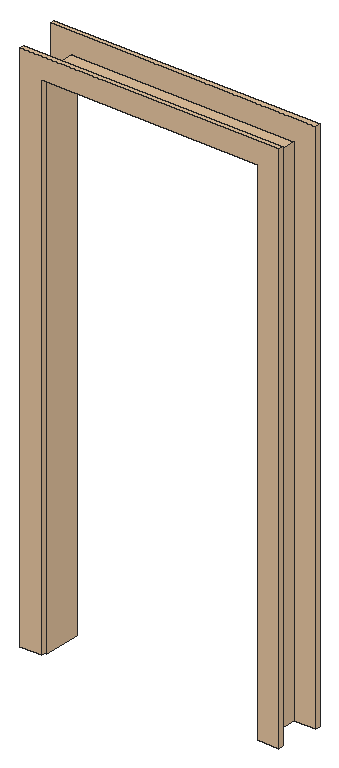
Revit family "0033_M_DR_W_opening - square-cased", category 일반 모델, Revit 2026
Family settings
  호스트 = 벽
  보강 철근 호스트 가능 = 아니오
  원형 커넥터 치수 = 지름 사용
  부품 유형 = 정의되지 않음
  항상 수직 = 예
  로드될 때 보이드를 사용하여 절단 = 아니오
  주석 방향 유지 = 아니오
  공유 = 아니오
  룸 계산 점 = 아니오
Parameters (values of type "36" x 84"")
  기본 높이 = 0' - 0"
  Width = 3' - 0"
  Height = 7' - 0"
  Frame Material = Opening - Frame
  Trim Projection = 0' - 0 3/4"
  Trim Width = 0' - 3 1/2"
Types (8): name | Width | Height | Trim Projection | Trim Width
  36" x 84" | 3' - 0" | 7' - 0" | 0' - 0 3/4" | 0' - 3 1/2"
  30" x 80" | 2' - 6" | 6' - 8" | 0' - 0 3/4" | 0' - 3 1/2"
  30" x 84" | 2' - 6" | 7' - 0" | 0' - 0 3/4" | 0' - 3 1/2"
  32" x 84" | 2' - 8" | 7' - 0" | 0' - 0 3/4" | 0' - 3 1/2"
  34" x 80" | 2' - 10" | 6' - 8" | 0' - 0 3/4" | 0' - 3 1/2"
  34" x 84" | 2' - 10" | 7' - 0" | 0' - 0 3/4" | 0' - 3 1/2"
  36" x 80" | 3' - 0" | 6' - 8" | 0' - 0 3/4" | 0' - 3 1/2"
  915 x 2134mm | 3' - 0.02362" | 7' - 0.01575" | 0' - 0.7874" | 0' - 3.54331"
Reference planes (in)
  plane 1: y = 0
  plane 2: z = 0
  plane 3: x = 0
  plane 4: x = -18
  plane 5: x = 18
  plane 6: z = 84
  plane 7: x = -17.5
  plane 8: x = 17.5
  plane 9: z = 83.5
Forms (in)
  Extrusion 1, solid, material "Opening - Frame" <- "Frame Material"
    sketch origin (-152, -3, 0) x (1, 0, 0) y (0, 0, 1)
      loop
        line (134.5, 0) -> (134.5, 83.5) -> (169.5, 83.5) -> (169.5, 0) -> (173, 0) -> (173, 87) -> (131, 87) -> (131, 0) -> (134.5, 0)
    from 0 to 0.75
  Extrusion 2, solid, material "Opening - Frame" <- "Frame Material"
    sketch origin (-60, 3, 0) x (-1, 0, 0) y (0, 0, 1)
      loop
        line (-81.5, 87.5) -> (-81.5, 0) -> (-78, 0) -> (-78, 84) -> (-42, 84) -> (-42, 0) -> (-38.5, 0) -> (-38.5, 87.5) -> (-81.5, 87.5)
    from 0 to 0.75
  Sweep 3, solid, material "Opening - Frame" <- "Frame Material"
    path origin (0, 0, 0) x (0, 0, -1) y (1, 0, 0)
      loop
        line (0, 18) -> (-84, 18) -> (-84, -18) -> (0, -18)
    profile origin (0, 0, 42) x (-1, 0, 0) y (0, -1, 0)
      loop
        line (-18, -3) -> (-17.25, -3) -> (-17.25, 3) -> (-18, 3) -> (-18, -3)
Lines and regions (in)
  Opening 1
    outline origin (-152, -3, 0) x (1, 0, 0) y (0, 0, 1)
      loop
        line (134, 0) -> (170, 0) -> (170, 84) -> (134, 84) -> (134, 0)
Text (in)
  text "Exterior" at (-55.23831, 34.29084, 0), in view "Floor Line"
  text "Exterior" at (0, 37.8536, 131.06609), in view "Right"
Dimensions and locks (in)
  equal spacing: plane 4, plane 3, plane 5
  "Width": plane 4 to plane 5
  "Height": plane 2 to plane 6
  "Trim Projection": Extrusion 1 to host wall
  "Trim Projection": host wall to Extrusion 2
  locked: plane 7 to plane 4 at 0.5
  locked: plane 5 to plane 8 at 0.5
  locked: plane 6 to plane 9 at 0.5
  "Trim Width": plane 7 to Extrusion 1 sketch curve
  "Trim Width": Extrusion 1 sketch curve to plane 9
  "Trim Width": Extrusion 1 sketch curve to plane 8
  "Trim Width": Extrusion 2 sketch curve to Sweep 3
  "Trim Width": Sweep 3 to Extrusion 2 sketch curve
  "Trim Width": plane 6 to Extrusion 2 sketch curve
  aligned and locked: plane 4 to Opening 1 sketch curve
  aligned and locked: plane 6 to Opening 1 sketch curve  (x2)
  aligned and locked: Opening 1 sketch curve to plane 5
  aligned and locked: Opening 1 sketch curve to level
  aligned and locked: host wall to plane 1
  aligned and locked: plane 2 to Extrusion 1 sketch curve  (x2)
  aligned and locked: Extrusion 1 to host wall
  aligned and locked: Sweep 3 sketch curve to plane 6
  aligned and locked: Sweep 3 sketch curve to plane 5
  aligned and locked: plane 4 to Sweep 3 sketch curve
  aligned and locked: plane 8 to Extrusion 1 sketch curve
  aligned and locked: Extrusion 1 sketch curve to plane 9
  aligned and locked: Extrusion 2 sketch curve to plane 5
  aligned and locked: plane 4 to Extrusion 2 sketch curve
  aligned and locked: Extrusion 2 sketch curve to plane 6
Automatic sketch dimensions
  Sweep 3 sketch curve to level = 0' - 0"  (x2)
  Sweep 3 sketch curve to profile plane = 0' - 0"
  Sweep 3 sketch curve to profile plane = 0' - 0 3/4"
  Sweep 3 sketch curve to Sweep 3 sketch curve = 0' - 6"
  Extrusion 1 sketch curve to plane 7 = 0' - 0"
  Extrusion 1 sketch curve to level = 0' - 0"
  Extrusion 2 sketch curve to level = 0' - 0"  (x2)
